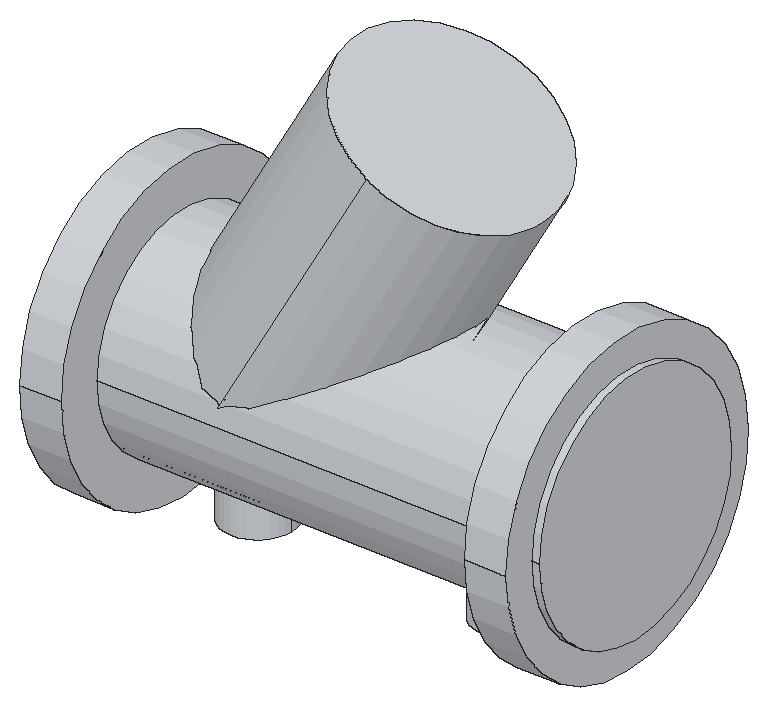
Revit family "HS 821-síto_jemné-PN40-DN200-RFA_2018", category Pipe Accessories, Revit 2018
Family settings
  Round Connector Dimension = Use Diameter
  Part Type = Breaks Into
  Work Plane-Based = No
  Always vertical = Yes
  Cut with Voids When Loaded = No
  Shared = No
Parameters (values of type "821F-DN200-PN40-síto_jemné")
  magiProductId = "7fb3fc01dd8d42428c203e3f8dd4d5"
  magiProductFamilyId = "79214ac3aaa945e397802f559f5c1e"
  magiPartTypeId = 307
  isMeasuringValve [instance] = no
  ang2D [instance] = 0.00°
  ZB__ve = -ZB  # -56 mm
  ZB1 = 115.425 mm
  ZB = 56 mm
  X2 = 188.361 mm
  X1 = 84 mm
  W2D = 15 mm
  VersionID = "2.0/2017.9.26.1/ZETKAMA_821_001"
  Use Minimum Symbol Size [instance] = yes
  URL = "www.hydronic.cz"
  Type Comments = "Filtr přírubový; síto jemné; A-PN16 (-10~300°C); D-PN25 (-10~350°C); F-PN40 (-10~400°C)"
  S = 285 mm
  QmdConnectorList = "301;D;302;D"
  Productdata [instance] = ""
  Manufacturer = "Hydronic Systems Prague s.r.o."
  MC Product Code = "250 693 (821F; DN200; PN40; kvs706,7; oko síta 0,63mm)"
  LM1 = 48 mm
  LM = 480 mm
  L4 = 150 mm
  L2D_Min = 3048 mm
  L2D = 130 mm
  L2 = 300 mm
  HH2 = 326.25 mm
  FD = 360 mm
  Description = "Filtr přírubový; síto jemné; 821A-PN16; 821D-PN25; 821F-PN40"
  DM1 = 252 mm
  DM = 256.5 mm
  D = 200 mm
  CC = 10.2 mm
  CAT0 = yes
  C1 = 49.8 mm
  C = 60 mm
  BD = 80.797 mm
Types (40, lengths in mm): name | magiProductId | ZB__ve | ZB1 | ZB | X2 | X1 | S | MC Product Code | LM1 | LM | L4 | L2 | HH2 | FD | DM1 | DM | D | CC | C1 | C | BD
  821A-DN015-PN16-síto_jemné | "a71bcfe8b393460598b23e8ddf7dc5" | -16.25 | 18.63 | 16.25 | 46.982 | 18.2 | 46 | "210 115 (821A; DN015; PN16; kvs6,2; oko síta 0,63mm)" | 10.4 | 104 | 32.5 | 65 | 81.375 | 95 | 27.6 | 41.4 | 15 | 2.21 | 10.79 | 13 | 13.041
  821A-DN020-PN16-síto_jemné | "41cd6c7a12924f4991217528336076" | -17.75 | 22.68 | 17.75 | 51.673 | 21 | 56 | "210 120 (821A; DN020; PN16; kvs9,6; oko síta 0,63mm)" | 12 | 120 | 37.5 | 75 | 89.5 | 105 | 33.6 | 50.4 | 20 | 2.55 | 12.45 | 15 | 15.876
  821A-DN025-PN16-síto_jemné | "be378b463ed14c3abf4c9b3ae8cf3a" | -19.25 | 26.325 | 19.25 | 58.601 | 22.4 | 65 | "210 125 (821A; DN025; PN16; kvs14,2; oko síta 0,63mm)" | 12.8 | 128 | 40 | 80 | 101.5 | 115 | 43.2 | 58.5 | 25 | 2.72 | 13.28 | 16 | 18.427
  821A-DN032-PN16-síto_jemné | "227a0d18b21540afabe8b6067d35fa" | -23 | 30.78 | 23 | 68.849 | 25.2 | 76 | "210 132 (821A; DN032; PN16; kvs23,1; oko síta 0,63mm)" | 14.4 | 144 | 45 | 90 | 119.25 | 140 | 50.4 | 68.4 | 32 | 3.06 | 14.94 | 18 | 21.546
  821A-DN040-PN16-síto_jemné | "d106917c74724141a10440112d0102" | -24.5 | 34.02 | 24.5 | 75.777 | 28 | 84 | "210 140 (821A; DN040; PN16; kvs36,6; oko síta 0,63mm)" | 16 | 160 | 50 | 100 | 131.25 | 150 | 60 | 75.6 | 40 | 3.4 | 16.6 | 20 | 23.814
  821A-DN050-PN16-síto_jemné | "8255d456a09e4f6486734f5dd9171b" | -26.75 | 40.095 | 26.75 | 79.061 | 32.2 | 99 | "210 150 (821A; DN050 PN16; kvs53,7; oko síta 0,63mm)" | 18.4 | 184 | 57.5 | 115 | 136.938 | 165 | 73.8 | 89.1 | 50 | 3.91 | 19.09 | 23 | 28.066
  821A-DN065-PN16-síto_jemné | "235b1b3e4c0843779a4d5e3716d40a" | -29.75 | 47.79 | 29.75 | 86.927 | 40.6 | 118 | "210 165 (821A; DN065; PN16; kvs95,1; oko síta 0,63mm)" | 23.2 | 232 | 72.5 | 145 | 150.562 | 185 | 94.2 | 106.2 | 65 | 4.93 | 24.07 | 29 | 33.453
  821A-DN080-PN16-síto_jemné | "a067f7c5236348ed8c820d16df7214" | -32 | 53.46 | 32 | 104.753 | 43.4 | 132 | "210 180 (821A; DN080; PN16; kvs137,1; oko síta 0,63mm)" | 24.8 | 248 | 77.5 | 155 | 181.438 | 200 | 107.4 | 118.8 | 80 | 5.27 | 25.73 | 31 | 37.422
  821A-DN100-PN16-síto_jemné | "c49a648c2747461285837d643703cd" | -35 | 63.18 | 35 | 114.857 | 49 | 156 | "210 190 (821A; DN100; PN16; kvs206,4; oko síta 0,63mm)" | 28 | 280 | 87.5 | 175 | 198.937 | 220 | 131.4 | 140.4 | 100 | 5.95 | 29.05 | 35 | 44.226
  821A-DN125-PN16-síto_jemné | "bf68e728a163493cbd2a663b26ebdc" | -39.5 | 74.52 | 39.5 | 131.888 | 56 | 184 | "210 191 (821A; DN125; PN16; kvs268,8; oko síta 0,63mm)" | 32 | 320 | 100 | 200 | 228.438 | 250 | 165 | 165.6 | 125 | 6.8 | 33.2 | 40 | 52.164
  821A-DN150-PN16-síto_jemné | "2de770284b654863ae6bc865769dc5" | -44.75 | 85.455 | 44.75 | 155.885 | 67.2 | 211 | "210 192 (821A; DN150; PN16; kvs401,4; oko síta 0,63mm)" | 38.4 | 384 | 120 | 240 | 270 | 285 | 192 | 189.9 | 150 | 8.16 | 39.84 | 48 | 59.818
  821A-DN200-PN16-síto_jemné | "8e5693371ab64aabb29a7f08c76e15" | -53 | 107.73 | 53 | 188.361 | 84 | 266 | "210 193 (821A; DN200; PN16; kvs706,7; oko síta 0,63mm)" | 48 | 480 | 150 | 300 | 326.25 | 340 | 252 | 239.4 | 200 | 10.2 | 49.8 | 60 | 75.411
  821A-DN250-PN16-síto_jemné | "05e37ed948c34047acdd4c42556504" | -62.75 | 129.195 | 62.75 | 255.911 | 102.2 | 319 | "210 194 (821A; DN250; PN16; kvs1229,4; oko síta 0,63mm)" | 58.4 | 584 | 182.5 | 365 | 443.25 | 405 | 309.6 | 287.1 | 250 | 12.41 | 60.59 | 73 | 90.436
  821A-DN300-PN16-síto_jemné | "9ad0af747269428da925480d83ce80" | -71 | 149.85 | 71 | 325.914 | 119 | 370 | "210 195 (821A; DN300; PN16; kvs1902,4; oko síta 0,63mm)" | 68 | 680 | 212.5 | 425 | 564.5 | 460 | 369.6 | 333 | 300 | 14.45 | 70.55 | 85 | 104.895
  821A-DN350-PN16-síto_jemné | "eebc71459bb3451bb4355e7951370a" | -80 | 173.745 | 80 | 356.875 | 137.2 | 429 | "200 196 (821A; DN350; PN16; kvs2611,0; oko síta 0,63mm)" | 78.4 | 784 | 245 | 490 | 618.125 | 520 | 438 | 386.1 | 350 | 16.66 | 81.34 | 98 | 121.621
  821A-DN400-PN16-síto_jemné | "d2f677cb196647e385b2590e7d8abe" | -89 | 194.4 | 89 | 392.237 | 154 | 480 | "210 197 (821A; DN400; PN16; kvs3438,4; oko síta 0,63mm)" | 88 | 880 | 275 | 550 | 679.375 | 580 | 498 | 432 | 400 | 18.7 | 91.3 | 110 | 136.08
  821D-DN015-PN25-síto_jemné | "27ddcbf555414f8ca1fde329bf9087" | -16.25 | 18.63 | 16.25 | 46.982 | 18.2 | 46 | "210 215 (821D; DN015; PN25; kvs6,2; oko síta 0,63mm)" | 10.4 | 104 | 32.5 | 65 | 81.375 | 95 | 27.6 | 41.4 | 15 | 2.21 | 10.79 | 13 | 13.041
  821D-DN020-PN25-síto_jemné | "270e0f14012f47189cd0235c18faee" | -17.75 | 22.68 | 17.75 | 51.673 | 21 | 56 | "210 220 (821D; DN020; PN25; kvs9,6; oko síta 0,63mm)" | 12 | 120 | 37.5 | 75 | 89.5 | 105 | 33.6 | 50.4 | 20 | 2.55 | 12.45 | 15 | 15.876
  821D-DN025-PN25-síto_jemné | "b9a7fb4aa36643878c637d8e1ab992" | -19.25 | 26.325 | 19.25 | 58.601 | 22.4 | 65 | "210 225 (821D; DN025; PN25; kvs14,2; oko síta 0,63mm)" | 12.8 | 128 | 40 | 80 | 101.5 | 115 | 43.2 | 58.5 | 25 | 2.72 | 13.28 | 16 | 18.427
  821D-DN032-PN25-síto_jemné | "6be9a55c4e68400f94eec7e804204c" | -23 | 30.78 | 23 | 68.849 | 25.2 | 76 | "210 232 (821D; DN032; PN25; kvs23,1; oko síta 0,63mm)" | 14.4 | 144 | 45 | 90 | 119.25 | 140 | 50.4 | 68.4 | 32 | 3.06 | 14.94 | 18 | 21.546
  821D-DN040-PN25-síto_jemné | "c54511bd7f584ec2984291479612cb" | -24.5 | 34.02 | 24.5 | 75.777 | 28 | 84 | "210 240 (821D; DN040; PN25; kvs36,6; oko síta 0,63mm)" | 16 | 160 | 50 | 100 | 131.25 | 150 | 60 | 75.6 | 40 | 3.4 | 16.6 | 20 | 23.814
  821D-DN050-PN25-síto_jemné | "5483b1f596b04cd39b23a14a22c90e" | -26.75 | 40.095 | 26.75 | 79.061 | 32.2 | 99 | "210 250 (821D; DN050; PN25; kvs53,7; oko síta 0,63mm)" | 18.4 | 184 | 57.5 | 115 | 136.938 | 165 | 73.8 | 89.1 | 50 | 3.91 | 19.09 | 23 | 28.066
  821D-DN065-PN25-síto_jemné | "767b0f8318e94750bc7a9930ed5b30" | -29.75 | 47.79 | 29.75 | 86.927 | 40.6 | 118 | "210 265 (821D; DN065; PN25; kvs95,1; oko síta 0,63mm)" | 23.2 | 232 | 72.5 | 145 | 150.562 | 185 | 94.2 | 106.2 | 65 | 4.93 | 24.07 | 29 | 33.453
  821D-DN080-PN25-síto_jemné | "e21040fa3cc2404b858198f6b73709" | -32 | 53.46 | 32 | 104.753 | 43.4 | 132 | "210 280 (821D; DN080; PN25; kvs137,1; oko síta 0,63mm)" | 24.8 | 248 | 77.5 | 155 | 181.438 | 200 | 107.4 | 118.8 | 80 | 5.27 | 25.73 | 31 | 37.422
  821D-DN100-PN25-síto_jemné | "175ca87a506b40b3bc6b82f12f33cf" | -37.25 | 63.18 | 37.25 | 114.857 | 49 | 156 | "210 290 (821D; DN100; PN25; kvs206,4; oko síta 0,63mm)" | 28 | 280 | 87.5 | 175 | 198.937 | 235 | 131.4 | 140.4 | 100 | 5.95 | 29.05 | 35 | 44.226
  821D-DN125-PN25-síto_jemné | "77cc98d60da24855999a22dff726b2" | -42.5 | 74.52 | 42.5 | 131.888 | 56 | 184 | "210 291 (821D; DN125; PN25; kvs268,8; oko síta 0,63mm)" | 32 | 320 | 100 | 200 | 228.438 | 270 | 165 | 165.6 | 125 | 6.8 | 33.2 | 40 | 52.164
  821D-DN150-PN25-síto_jemné | "9cf8acfcd15547d68e83172d3abcbe" | -47 | 85.455 | 47 | 155.885 | 67.2 | 211 | "210 292 (821D; DN150; PN25; kvs401,4; oko síta 0,63mm)" | 38.4 | 384 | 120 | 240 | 270 | 300 | 192 | 189.9 | 150 | 8.16 | 39.84 | 48 | 59.818
  821D-DN200-PN25-síto_jemné | "16973f3c9ea14389ba8602495a6b64" | -56 | 110.97 | 56 | 188.361 | 84 | 274 | "210 293 (821D; DN200; PN25; kvs706,7; oko síta 0,63mm)" | 48 | 480 | 150 | 300 | 326.25 | 360 | 252 | 246.6 | 200 | 10.2 | 49.8 | 60 | 77.679
  821F-DN015-PN40-síto_jemné | "4c7eaf3c4c0340888b3e684d8a8616" | -16.25 | 18.225 | 16.25 | 46.982 | 18.2 | 45 | "250 615 (821F; DN015; PN40; kvs6,2; oko síta 0,63mm)" | 10.4 | 104 | 32.5 | 65 | 81.375 | 95 | 27.6 | 40.5 | 15 | 2.21 | 10.79 | 13 | 12.757
  821F-DN020-PN40-síto_jemné | "aaac5f1ec96b44d6ba96ac2293d66d" | -17.75 | 23.49 | 17.75 | 51.673 | 21 | 58 | "250 620 (821F; DN020; PN40; kvs9,6; oko síta 0,63mm)" | 12 | 120 | 37.5 | 75 | 89.5 | 105 | 33.6 | 52.2 | 20 | 2.55 | 12.45 | 15 | 16.443
  821F-DN025-PN40-síto_jemné | "504768023968471481789485b54c7e" | -19.25 | 27.54 | 19.25 | 58.601 | 22.4 | 68 | "250 625 (821F; DN025; PN40; kvs14,2; oko síta 0,63mm)" | 12.8 | 128 | 40 | 80 | 101.5 | 115 | 43.2 | 61.2 | 25 | 2.72 | 13.28 | 16 | 19.278
  821F-DN032-PN40-síto_jemné | "165e7f39cf744f329bdf1c400dad12" | -23 | 31.59 | 23 | 68.849 | 25.2 | 78 | "250 632 (821F; DN032; PN40; kvs23,1; oko síta 0,63mm)" | 14.4 | 144 | 45 | 90 | 119.25 | 140 | 50.4 | 70.2 | 32 | 3.06 | 14.94 | 18 | 22.113
  821F-DN040-PN40-síto_jemné | "b8903f952089408fbf3a5a632bab1f" | -24.5 | 35.64 | 24.5 | 75.777 | 28 | 88 | "250 640 (821F; DN040; PN40; kvs36,6; oko síta 0,63mm)" | 16 | 160 | 50 | 100 | 131.25 | 150 | 60 | 79.2 | 40 | 3.4 | 16.6 | 20 | 24.948
  821F-DN050-PN40-síto_jemné | "c451f97266fe48da8f879cb6a2bd44" | -26.75 | 41.31 | 26.75 | 79.061 | 32.2 | 102 | "250 650 (821F; DN050; PN40; kvs53,7; oko síta 0,63mm)" | 18.4 | 184 | 57.5 | 115 | 136.938 | 165 | 73.8 | 91.8 | 50 | 3.91 | 19.09 | 23 | 28.917
  821F-DN065-PN40-síto_jemné | "dc9821e3f9b34e128f6a8c6b34c198" | -29.75 | 49.41 | 29.75 | 86.927 | 40.6 | 122 | "250 665 (821F; DN065; PN40; kvs95,1; oko síta 0,63mm)" | 23.2 | 232 | 72.5 | 145 | 150.562 | 185 | 94.2 | 109.8 | 65 | 4.93 | 24.07 | 29 | 34.587
  821F-DN080-PN40-síto_jemné | "689aa1e260f84cf4994f027a1d86b5" | -32 | 55.89 | 32 | 104.753 | 43.4 | 138 | "250 680 (821F; DN080; PN40; kvs137,1; oko síta 0,63mm)" | 24.8 | 248 | 77.5 | 155 | 181.438 | 200 | 107.4 | 124.2 | 80 | 5.27 | 25.73 | 31 | 39.123
  821F-DN100-PN40-síto_jemné | "8a45d4e8e2ab425f8c432f21d684f3" | -37.25 | 65.61 | 37.25 | 114.857 | 49 | 162 | "250 690 (821F; DN100; PN40; kvs206,4; oko síta 0,63mm)" | 28 | 280 | 87.5 | 175 | 198.937 | 235 | 131.4 | 145.8 | 100 | 5.95 | 29.05 | 35 | 45.927
  821F-DN125-PN40-síto_jemné | "cf073904c006406b8645afa67ea2fc" | -42.5 | 76.14 | 42.5 | 131.888 | 56 | 188 | "250 691 (821F; DN125; PN40; kvs268,8; oko síta 0,63mm)" | 32 | 320 | 100 | 200 | 228.438 | 270 | 165 | 169.2 | 125 | 6.8 | 33.2 | 40 | 53.298
  821F-DN150-PN40-síto_jemné | "0153b9ddabe14992a630484929fdbc" | -47 | 88.29 | 47 | 155.885 | 67.2 | 218 | "250 692 (821F; DN150; PN40; kvs401,4; oko síta 0,63mm)" | 38.4 | 384 | 120 | 240 | 270 | 300 | 192 | 196.2 | 150 | 8.16 | 39.84 | 48 | 61.803
  821F-DN200-PN40-síto_jemné | "7fb3fc01dd8d42428c203e3f8dd4d5" | -56 | 115.425 | 56 | 188.361 | 84 | 285 | "250 693 (821F; DN200; PN40; kvs706,7; oko síta 0,63mm)" | 48 | 480 | 150 | 300 | 326.25 | 360 | 252 | 256.5 | 200 | 10.2 | 49.8 | 60 | 80.797
Reference planes
  plane 1 "Center (Front/Back)": y = 0
  plane 2 "XYPLANE": z = 0
  plane 3 "Center (Left/Right)": x = 0
  plane 4 "109": x = -192
  plane 5 "108": x = 240
  plane 6 "107": x = -240
  plane 7 "105": x = 300
  plane 8 "104": x = -300
  plane 9 "103": y = 0
  plane 10 "102": z = 0
  plane 11 "101": x = -289.8
  plane 12 "100": x = 289.8
  plane 13 "11": x = -108
  plane 14 "10": z = 326.25
  plane 15 "9": x = 80.361
  plane 16 "5": z = -115.425
  plane 17 "4": x = -150
  plane 18 "1": x = 150
Forms (mm)
  Extrusion 1, solid, visible <- "CAT0"
    sketch origin (-240, -750, 0) x (0, 1, 0) y (0, 0, 1)
      loop
        circle (750, 0) r 128.25
    from 0 to 480 <- "LM"
  Extrusion 2, solid
    sketch origin (-300, -750, 0) x (0, 1, 0) y (0, 0, 1)
      loop
        circle (750, 0) r 142.5
    from 0 to 10.2 <- "CC"
  Extrusion 3, solid
    sketch origin (-289.8, -750, 0) x (0, 1, 0) y (0, 0, 1)
      loop
        circle (750, 0) r 180
    from 0 to 49.8 <- "C1"
  Extrusion 4, solid
    sketch origin (240, -750, 0) x (0, 1, 0) y (0, 0, 1)
      loop
        circle (750, 0) r 180
    from 0 to 49.8 <- "C1"
  Extrusion 5, solid
    sketch origin (289.8, -750, 0) x (0, 1, 0) y (0, 0, 1)
      loop
        circle (750, 0) r 142.5
    from 0 to 10.2 <- "CC"
  Sweep 6, solid, visible <- "CAT0"
    path origin (750, 0, 0) x (-1, 0, 0) y (0, 0, 1)
      loop
        line (990, 0) -> (858, 0) -> (669.639, 326.25)
    profile origin (-240, 0, 0) x (0, 0, -1) y (0, 1, 0)
      loop
        circle (0, 0) r 126
  Extrusion 7, solid, visible <- "CAT0"
    sketch origin (-750, 0, -115.425) x (1, 0, 0) y (0, 1, 0)
      loop
        circle (600, 0) r 40.399
    from 0 to -56 <- "ZB__ve"
  Extrusion 8, solid, visible <- "CAT0"
    sketch origin (-750, 0, -115.425) x (1, 0, 0) y (0, 1, 0)
      loop
        circle (900, 0) r 40.399
    from 0 to -56 <- "ZB__ve"
  Extrusion 9, solid, not visible
    sketch origin (300, -750, 0) x (0, 1, 0) y (0, 0, 1)
      loop
        circle (750, 0) r 10
    from 0 to -10
  Extrusion 10, solid, not visible
    sketch origin (-300, -750, 0) x (0, 1, 0) y (0, 0, 1)
      loop
        circle (750, 0) r 10
    from 0 to 10
Lines and regions (mm)
  reference lines, not visible
    curve 1: circle (2, 2, 0) r 1 normal (0, 0, 1)
Dimensions and locks
  plane 1 "Center (Front/Back)" to curve 1 = 2 mm
  "LM1": plane 6 "107" to plane 4 "109"
  "LM": plane 6 "107" to plane 5 "108"
  "C": plane 8 "104" to plane 6 "107"
  "L2": plane 3 "Center (Left/Right)" to plane 7 "105"
  "L2": plane 3 "Center (Left/Right)" to plane 8 "104"
  locked: plane 1 "Center (Front/Back)" to plane 9 "103"
  locked: plane 2 "XYPLANE" to plane 10 "102"
  "CC": plane 8 "104" to plane 11 "101"
  "C1": plane 5 "108" to plane 12 "100"
  "X1": plane 4 "109" to plane 13 "11"
  "HH2": plane 2 "XYPLANE" to plane 14 "10"
  "X2": plane 13 "11" to plane 15 "9"
  "ZB1": plane 2 "XYPLANE" to plane 16 "5"
  "L4": plane 8 "104" to plane 17 "4"
  "L2": plane 17 "4" to plane 18 "1"
  Sweep 6 sketch curve to Sweep 6 sketch curve = 0 mm  (x2)
  "DM": diameter of Extrusion 1 sketch curve
  "S": diameter of Extrusion 2 sketch curve
  "FD": diameter of Extrusion 3 sketch curve
  "FD": diameter of Extrusion 4 sketch curve
  "S": diameter of Extrusion 5 sketch curve
  "DM1": diameter of Sweep 6 sketch curve
  "BD": diameter of Extrusion 7 sketch curve
  "BD": diameter of Extrusion 8 sketch curve
  aligned and locked: level to plane 2 "XYPLANE"
  aligned and locked: Extrusion 1 sketch curve to plane 9 "103"
  aligned and locked: plane 10 "102" to Extrusion 1 sketch curve
  aligned and locked: Extrusion 2 sketch curve to plane 9 "103"
  aligned and locked: plane 10 "102" to Extrusion 2 sketch curve
  aligned and locked: Extrusion 3 sketch curve to plane 9 "103"
  aligned and locked: plane 10 "102" to Extrusion 3 sketch curve
  aligned and locked: Extrusion 4 sketch curve to plane 9 "103"
  aligned and locked: plane 10 "102" to Extrusion 4 sketch curve
  aligned and locked: Extrusion 5 sketch curve to plane 9 "103"
  aligned and locked: plane 10 "102" to Extrusion 5 sketch curve
  aligned and locked: Sweep 6 sketch curve to plane 9 "103"
  aligned and locked: plane 10 "102" to Sweep 6 sketch curve  (x3)
  aligned and locked: plane 6 "107" to Sweep 6 sketch curve
  aligned and locked: plane 13 "11" to Sweep 6 sketch curve
  aligned and locked: plane 14 "10" to Sweep 6 sketch curve
  aligned and locked: plane 15 "9" to Sweep 6 sketch curve
  aligned and locked: plane 9 "103" to Extrusion 7 sketch curve
  aligned and locked: plane 17 "4" to Extrusion 7 sketch curve
  aligned and locked: plane 9 "103" to Extrusion 8 sketch curve
  aligned and locked: plane 18 "1" to Extrusion 8 sketch curve
  aligned and locked: Extrusion 9 sketch curve to plane 9 "103"
  aligned and locked: plane 10 "102" to Extrusion 9 sketch curve
  aligned and locked: Extrusion 10 sketch curve to plane 9 "103"
  aligned and locked: plane 10 "102" to Extrusion 10 sketch curve
Automatic sketch dimensions
  plane 1 "Center (Front/Back)" to Extrusion 9 sketch curve = 10 mm
  plane 1 "Center (Front/Back)" to Extrusion 10 sketch curve = 10 mm
  plane 3 "Center (Left/Right)" to curve 1 = 2 mm
  radius of curve 1 = 1 mm
Connectors
  piping at (-300, 0, 0), diameter 200, driven by "D"
    settings: on Extrusion 10, index 1, connector inside diameter 609.6 mm, connector length 0 mm, flow factor 0, pipe flow 0.0 L/s, pressure drop 0.0 Pa, fitting loss kfactor 0, connector angle 0.00°, fixture units 0, engagement length 0 mm, angle of deflection 0.00°, flow configuration 0, flow direction 0, fitting loss method 0, system type 29, joint type 0, gender type 0, connector reference index 2, connector utility 0, adjustable connector no, is connector primary yes, connector description ""
  piping at (300, 0, 0), diameter 200, driven by "D"
    settings: on Extrusion 9, index 2, connector inside diameter 609.6 mm, connector length 0 mm, flow factor 0, pipe flow 0.0 L/s, pressure drop 0.0 Pa, fitting loss kfactor 0, connector angle 0.00°, fixture units 0, engagement length 0 mm, angle of deflection 0.00°, flow configuration 0, flow direction 0, fitting loss method 0, system type 29, joint type 0, gender type 0, connector reference index 1, connector utility 0, adjustable connector no, is connector primary no, connector description ""
